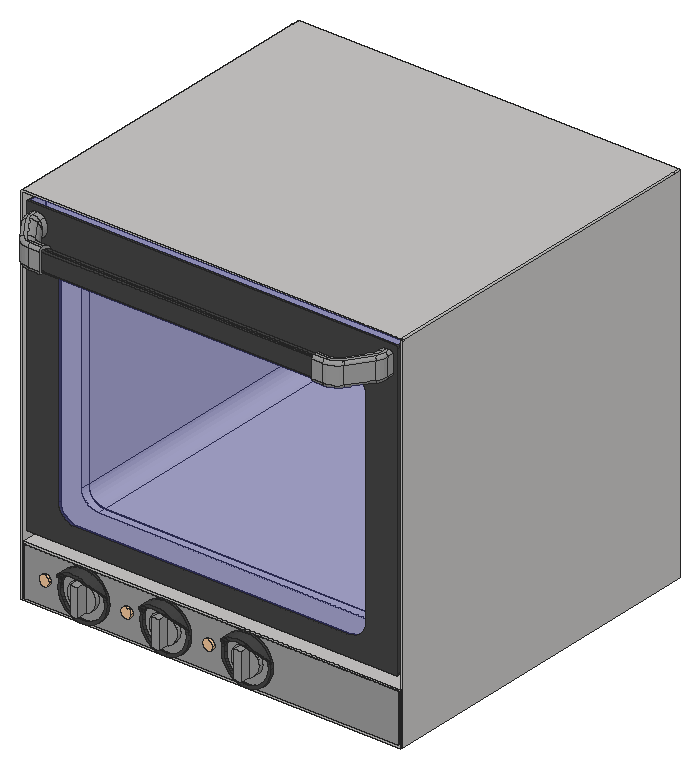
Revit family "QF_Vollrath_CO4-208240HS_Conv Oven", category Specialty Equipment, Revit 2021
Family settings
  Round Connector Dimension = Use Diameter
  Part Type = Normal
  OmniClass Number = 23.40.40.00
  OmniClass Title = Food Service Equipment and Furnishings
  Work Plane-Based = No
  Always vertical = Yes
  Cut with Voids When Loaded = No
  Shared = No
  Room Calculation Point = No
Parameters
  Weight in Pounds = 0
  Watts = 2700 W
  Watermarked By = ""
  Volts = 240 V
  URL Cutsheet = ""
  Status [instance] = ""
  Specification by User [instance] = ""
  Specification by Manufacturer [instance] = ""
  Serial Number [instance] = ""
  Revision Code [instance] = ""
  Phase = 0
  Number of Poles [instance] = 1
  NAFEM Spec ID Number [instance] = ""
  Model = "CO4-208240HS"
  Min Ckt Ampacity = 20 A
  Max Overcurrent Protection = 0 A
  Masterspec [instance] = ""
  Manufacturer = "Vollrath"  # constant formula
  Item Number [instance] = "40701"
  Installed By [instance] = ""
  HP = ""
  Furnished By [instance] = ""
  Foodservice Equipment Identifier = yes
  FL Amps = 11.4 A
  Electrical Remarks [instance] = ""
  Electric Connection Type = ""
  Elec Conn RI Height [instance] = 0.000"
  Elec Conn Connection Height = 0.000"
  Description = "Convection Oven"
  Default Elevation = 0.000"
  Cycle = 0 Hz
  Conn Plug = "NEMA 6-15P"
  Conn Conduit = yes
  CSI MasterFormat = ""
  Apparent Power = if(Phase = 3, Volts * FL Amps * 1.73, Volts * FL Amps)  # 2736 VA
Reference planes (in)
  plane 1 "BACK": y = 0
  plane 2: z = 0
  plane 3 "LEFT": x = -16.56573
  plane 4 "RIGHT": x = -4.56573
  plane 5 "FRONT": y = -12
  plane 6 "TOP": z = 24
Forms (in)
  Extrusion 1, solid, material "QF_Stainless-Polished"
    sketch origin (-35.96062, -2.63189, 0.7874) x (1, 0, 0) y (0, 0, 1)
      loop
        line (-11.57087, 0) -> (11.57087, 0) -> (11.57087, 3.22835) -> (-11.57087, 3.22835) -> (-11.57087, 0)
    from 0 to -21.13584
  Extrusion 2, solid, material "QF_Stainless-Polished"
    sketch origin (-35.96062, -2.63189, 0.79302) x (1, 0, 0) y (0, 0, 1)
      loop
        line (-11.65355, 0.03937) -> (-11.57087, 0.03937) -> (-11.57087, 22.33465) -> (11.57087, 22.33465) -> (11.57087, 0.03937) -> (11.65355, 0.03937) -> (11.65355, 22.33858)
        arc (11.65355, 22.33858) -> (11.63049, 22.39426) -> (11.57481, 22.41732) r 0.07874
        line (11.57481, 22.41732) -> (-11.57481, 22.41732)
        arc (-11.57481, 22.41732) -> (-11.63049, 22.39426) -> (-11.65355, 22.33858) r 0.07874
        line (-11.65355, 22.33858) -> (-11.65355, 0.03937)
    from 0 to -21.17718
  Extrusion 3, solid, material "QF_Stainless-Polished"
    sketch origin (-35.96062, 18.54529, 11.14101) x (-1, 0, 0) y (0, 0, 1)
      loop
        line (-11.65355, -10.30862) -> (11.65355, -10.30862) -> (11.65355, 11.9906)
        arc (11.65355, 11.9906) -> (11.63049, 12.04627) -> (11.57481, 12.06934) r 0.07874
        line (11.57481, 12.06934) -> (-11.57481, 12.06934)
        arc (-11.57481, 12.06934) -> (-11.63049, 12.04627) -> (-11.65355, 11.9906) r 0.07874
        line (-11.65355, 11.9906) -> (-11.65355, -10.30862)
    from 0 to -0.43504
  Extrusion 4, solid, material "Render Material 128-128-128"
    sketch origin (-35.96456, -2.64173, 2.40158) x (1, 0, 0) y (0, 0, 1)
      loop
        arc (-11.37796, 1.49606) -> (-11.4058, 1.48453) -> (-11.41733, 1.45669) r 0.03937
        line (-11.41733, 1.45669) -> (-11.41733, -1.45669)
        arc (-11.41733, -1.45669) -> (-11.4058, -1.48453) -> (-11.37796, -1.49606) r 0.03937
        line (-11.37796, -1.49606) -> (11.37796, -1.49606)
        arc (11.37796, -1.49606) -> (11.4058, -1.48453) -> (11.41733, -1.45669) r 0.03937
        line (11.41733, -1.45669) -> (11.41733, 1.45669)
        arc (11.41733, 1.45669) -> (11.4058, 1.48453) -> (11.37796, 1.49606) r 0.03937
        line (11.37796, 1.49606) -> (-11.37796, 1.49606)
    from 0 to -0.00984
  Extrusion 5, solid, material "Glass"
    sketch origin (-35.96062, -2.58622, 4.65355) x (0, 0, 1) y (-1, 0, 0)
      loop
        arc (18.04712, 11.25827) -> (18.01783, 11.32898) -> (17.94712, 11.35827) r 0.1
        line (17.94712, 11.35827) -> (0.1, 11.35827)
        arc (0.1, 11.35827) -> (0.02929, 11.32898) -> (0, 11.25827) r 0.1
        line (0, 11.25827) -> (0, -11.25827)
        arc (0, -11.25827) -> (0.02929, -11.32898) -> (0.1, -11.35827) r 0.1
        line (0.1, -11.35827) -> (17.94712, -11.35827)
        arc (17.94712, -11.35827) -> (18.01783, -11.32898) -> (18.04712, -11.25827) r 0.1
        line (18.04712, -11.25827) -> (18.04712, 11.25827)
    from 0 to -1.5
  Extrusion 6, solid, material "QF_Stainless-Polished"
    sketch origin (-35.96062, -2.58622, 4.65355) x (0, 0, 1) y (-1, 0, 0)
      loop
        line (18.47412, 11.57087) -> (-0.6378, 11.57087) -> (-0.6378, -11.57087) -> (18.47412, -11.57087) -> (18.47412, 11.57087)
    from -1.75 to -2.25
  Extrusion 7, void
    sketch origin (-35.96062, -2.58622, 4.65355) x (0, 0, 1) y (-1, 0, 0)
      loop
        arc (15.67212, 8.375) -> (15.37923, 9.08211) -> (14.67212, 9.375) r 1
        line (14.67212, 9.375) -> (2.22835, 9.375)
        arc (2.22835, 9.375) -> (1.52125, 9.08211) -> (1.22835, 8.375) r 1
        line (1.22835, 8.375) -> (1.22835, -8.375)
        arc (1.22835, -8.375) -> (1.52125, -9.08211) -> (2.22835, -9.375) r 1
        line (2.22835, -9.375) -> (14.67212, -9.375)
        arc (14.67212, -9.375) -> (15.37923, -9.08211) -> (15.67212, -8.375) r 1
        line (15.67212, -8.375) -> (15.67212, 8.375)
    from -1.75 to -2.25
  Extrusion 8, solid, material "Render Material 0-0-0"
    sketch origin (-35.96062, -2.58622, 4.65355) x (0, 0, 1) y (-1, 0, 0)
      loop
        arc (18.04712, 11.25827) -> (18.01783, 11.32898) -> (17.94712, 11.35827) r 0.1
        line (17.94712, 11.35827) -> (0.1, 11.35827)
        arc (0.1, 11.35827) -> (0.02929, 11.32898) -> (0, 11.25827) r 0.1
        line (0, 11.25827) -> (0, -11.25827)
        arc (0, -11.25827) -> (0.02929, -11.32898) -> (0.1, -11.35827) r 0.1
        line (0.1, -11.35827) -> (17.94712, -11.35827)
        arc (17.94712, -11.35827) -> (18.01783, -11.32898) -> (18.04712, -11.25827) r 0.1
        line (18.04712, -11.25827) -> (18.04712, 11.25827)
      loop
        line (14.67212, 9.375) -> (2.22835, 9.375)
        arc (2.22835, 9.375) -> (1.52125, 9.08211) -> (1.22835, 8.375) r 1
        line (1.22835, 8.375) -> (1.22835, -8.375)
        arc (1.22835, -8.375) -> (1.52125, -9.08211) -> (2.22835, -9.375) r 1
        line (2.22835, -9.375) -> (14.67212, -9.375)
        arc (14.67212, -9.375) -> (15.37923, -9.08211) -> (15.67212, -8.375) r 1
        line (15.67212, -8.375) -> (15.67212, 8.375)
        arc (15.67212, 8.375) -> (15.37923, 9.08211) -> (14.67212, 9.375) r 1
    from 0 to -0.125
  Extrusion 9, solid, material "Render Material 0-0-0"
    sketch origin (-27.62962, -5.00964, -14.62332) x (0, 0, 1) y (0, 1, 0)
      loop
        line (35.69706, -0.24037) -> (36.7758, -0.24037)
        arc (36.7758, -0.24037) -> (36.81672, -0.22341) -> (36.83368, -0.18249) r 0.05787
        line (36.83368, -0.18249) -> (36.83368, -0.01543)
        arc (36.83368, -0.01543) -> (36.79083, 0.15467) -> (36.67796, 0.28894) r 0.39121
        arc (36.67796, 0.28894) -> (36.23643, 0.43665) -> (35.7949, 0.28894) r 0.73374
        arc (35.7949, 0.28894) -> (35.68824, 0.16717) -> (35.63919, 0.01291) r 0.39619
        line (35.63919, 0.01291) -> (35.63919, -0.18249)
        arc (35.63919, -0.18249) -> (35.65614, -0.22341) -> (35.69706, -0.24037) r 0.05787
    from 0 to 16.66189
  Sweep 10, solid, material "Render Material 128-128-128"
    path origin (-33.92536, -5.19005, 22.21035) x (0, 1, 0) y (-1, 0, 0)
      loop
        line (0.27508, 10.36614) -> (0.27508, 11.03823)
        arc (0.27508, 11.03823) -> (0.34626, 11.32909) -> (0.5437, 11.55423) r 0.62992
        line (0.5437, 11.55423) -> (1.86239, 12.47758)
        arc (1.86239, 12.47758) -> (2.03423, 12.56233) -> (2.2236, 12.59147) r 0.62975
        line (2.2236, 12.59147) -> (2.60383, 12.59147)
    profile origin (-44.62755, -4.91496, 22.21035) x (0, -1, 0) y (0, 0, 1)
      loop
        arc (0.46004, -0.05787) -> (0.40648, 0.07144) -> (0.27717, 0.125) r 0.18287
        line (0.27717, 0.125) -> (0.1089, 0.125)
        arc (0.1089, 0.125) -> (-0.11631, 0.06875) -> (-0.2941, -0.0805) r 0.51621
        arc (-0.2941, -0.0805) -> (-0.46698, -0.59724) -> (-0.2941, -1.11399) r 0.85874
        arc (-0.2941, -1.11399) -> (-0.13094, -1.25597) -> (0.07582, -1.31949) r 0.52119
        line (0.07582, -1.31949) -> (0.27717, -1.31949)
        arc (0.27717, -1.31949) -> (0.40648, -1.26593) -> (0.46004, -1.13661) r 0.18287
        line (0.46004, -1.13661) -> (0.46004, -0.05787)
  Sweep 11, solid, material "Render Material 128-128-128"
    path origin (-37.99576, -5.19005, 22.21035) x (0, 1, 0) y (-1, 0, 0)
      loop
        line (0.27508, -10.36614) -> (0.27508, -11.03823)
        arc (0.27508, -11.03823) -> (0.34626, -11.32909) -> (0.5437, -11.55423) r 0.62992
        line (0.5437, -11.55423) -> (1.86239, -12.47758)
        arc (1.86239, -12.47758) -> (2.03423, -12.56233) -> (2.2236, -12.59147) r 0.62975
        line (2.2236, -12.59147) -> (2.60383, -12.59147)
    profile origin (-27.29358, -4.91496, 22.21035) x (0, 1, 0) y (0, 0, 1)
      loop
        line (-0.46004, -0.05787) -> (-0.46004, -1.13661)
        arc (-0.46004, -1.13661) -> (-0.40648, -1.26593) -> (-0.27717, -1.31949) r 0.18287
        line (-0.27717, -1.31949) -> (-0.07582, -1.31949)
        arc (-0.07582, -1.31949) -> (0.13094, -1.25597) -> (0.2941, -1.11399) r 0.52119
        arc (0.2941, -1.11399) -> (0.46698, -0.59724) -> (0.2941, -0.0805) r 0.85874
        arc (0.2941, -0.0805) -> (0.11631, 0.06875) -> (-0.1089, 0.125) r 0.51621
        line (-0.1089, 0.125) -> (-0.27717, 0.125)
        arc (-0.27717, 0.125) -> (-0.40648, 0.07144) -> (-0.46004, -0.05787) r 0.18287
  Extrusion 12, solid, material "Render Material 128-128-128"
    sketch origin (-43.41732, -2.64173, 2.88977) x (0, 0, 1) y (-1, 0, 0)
      loop
        circle (-0.48819, 0.29528) r 0.85571
    from 0 to 0.22793
  Extrusion 13, solid, material "Render Material 128-128-128"
    sketch origin (-43.41732, -2.86966, 2.88977) x (0, 0, 1) y (-1, 0, 0)
      loop
        line (0.33705, 0.52162) -> (-1.31342, 0.52162)
        arc (-1.31342, 0.52162) -> (-1.3439, 0.29528) -> (-1.31342, 0.06893) r 0.85571
        line (-1.31342, 0.06893) -> (0.33705, 0.06893)
        arc (0.33705, 0.06893) -> (0.36752, 0.29528) -> (0.33705, 0.52162) r 0.85571
    from 0 to 0.589
  Extrusion 14, solid, material "Render Material 255-191-127"
    sketch origin (-35.96456, -2.64173, 2.40158) x (1, 0, 0) y (0, 0, 1)
      loop
        circle (-10.11385, 0) r 0.30846
    from 0 to 0.125
  Extrusion 15, solid, material "Render Material 255-191-127"
    sketch origin (-30.96456, -2.64173, 2.40158) x (1, 0, 0) y (0, 0, 1)
      loop
        circle (-10.11385, 0) r 0.30846
    from 0 to 0.125
  Extrusion 16, solid, material "Render Material 255-191-127"
    sketch origin (-25.96456, -2.64173, 2.40158) x (1, 0, 0) y (0, 0, 1)
      loop
        circle (-10.11385, 0) r 0.30846
    from 0 to 0.125
  Extrusion 17, solid, material "Render Material 0-0-0"
    sketch origin (-35.96456, -2.64173, 2.40158) x (1, 0, 0) y (0, 0, 1)
      loop
        circle (-7.74804, 0) r 1.51094
      loop
        circle (-7.74804, 0) r 1.34265
    from 0 to 0.14843
  Extrusion 18, solid, material "Render Material 0-0-0"
    sketch origin (-30.96456, -2.64173, 2.40158) x (1, 0, 0) y (0, 0, 1)
      loop
        circle (-7.74804, 0) r 1.51094
      loop
        circle (-7.74804, 0) r 1.34265
    from 0 to 0.14843
  Extrusion 19, solid, material "Render Material 0-0-0"
    sketch origin (-30.96456, -2.79016, 2.40158) x (1, 0, 0) y (0, 0, 1)
      loop
        line (-9.25897, 0) -> (-9.09068, 0)
        arc (-9.09068, 0) -> (-7.74804, 1.34265) -> (-6.40539, 0) r 1.34265
        line (-6.40539, 0) -> (-6.2371, 0)
        arc (-6.2371, 0) -> (-7.74804, 1.51094) -> (-9.25897, 0) r 1.51094
    from 0 to 1.10798
  Extrusion 20, void
    sketch origin (-38.71259, -2.79016, 3.91251) x (0, 0, 1) y (0, 1, 0)
      loop
        line (0, -0.75) -> (-0.22907, -0.75)
        arc (-0.22907, -0.75) -> (-0.33223, -0.72695) -> (-0.41578, -0.66219) r 0.24242
        line (-0.41578, -0.66219) -> (-0.99562, -0.08236)
        arc (-0.99562, -0.08236) -> (-1.10738, -0.02117) -> (-1.23302, 0) r 0.38334
        line (-1.23302, 0) -> (-1.51094, 0) -> (-1.51094, -1.10798) -> (0, -1.10798) -> (0, -0.75)
    from -2.05456 to 1.66177
  Extrusion 21, solid, material "Render Material 0-0-0"
    sketch origin (-25.96456, -2.64173, 2.40158) x (1, 0, 0) y (0, 0, 1)
      loop
        circle (-7.74804, 0) r 1.51094
      loop
        circle (-7.74804, 0) r 1.34265
    from 0 to 0.14843
  Extrusion 22, solid, material "Render Material 0-0-0"
    sketch origin (-25.96456, -2.79016, 2.40158) x (1, 0, 0) y (0, 0, 1)
      loop
        line (-9.25897, 0) -> (-9.09068, 0)
        arc (-9.09068, 0) -> (-7.74804, 1.34265) -> (-6.40539, 0) r 1.34265
        line (-6.40539, 0) -> (-6.2371, 0)
        arc (-6.2371, 0) -> (-7.74804, 1.51094) -> (-9.25897, 0) r 1.51094
    from 0 to 1.10798
  Extrusion 23, void
    sketch origin (-33.71259, -2.79016, 3.91251) x (0, 0, 1) y (0, 1, 0)
      loop
        line (0, -0.75) -> (-0.22907, -0.75)
        arc (-0.22907, -0.75) -> (-0.33223, -0.72695) -> (-0.41578, -0.66219) r 0.24242
        line (-0.41578, -0.66219) -> (-0.99562, -0.08236)
        arc (-0.99562, -0.08236) -> (-1.10738, -0.02117) -> (-1.23302, 0) r 0.38334
        line (-1.23302, 0) -> (-1.51094, 0) -> (-1.51094, -1.10798) -> (0, -1.10798) -> (0, -0.75)
    from -2.05456 to 1.66177
  Extrusion 24, solid, material "Render Material 128-128-128"
    sketch origin (-38.41732, -2.64173, 2.88977) x (0, 0, 1) y (-1, 0, 0)
      loop
        circle (-0.48819, 0.29528) r 0.85571
    from 0 to 0.22793
  Extrusion 25, solid, material "Render Material 128-128-128"
    sketch origin (-38.41732, -2.86966, 2.88977) x (0, 0, 1) y (-1, 0, 0)
      loop
        line (0.33705, 0.52162) -> (-1.31342, 0.52162)
        arc (-1.31342, 0.52162) -> (-1.3439, 0.29528) -> (-1.31342, 0.06893) r 0.85571
        line (-1.31342, 0.06893) -> (0.33705, 0.06893)
        arc (0.33705, 0.06893) -> (0.36752, 0.29528) -> (0.33705, 0.52162) r 0.85571
    from 0 to 0.589
  Extrusion 26, solid, material "Render Material 128-128-128"
    sketch origin (-33.41732, -2.64173, 2.88977) x (0, 0, 1) y (-1, 0, 0)
      loop
        circle (-0.48819, 0.29528) r 0.85571
    from 0 to 0.22793
  Extrusion 27, solid, material "Render Material 128-128-128"
    sketch origin (-33.41732, -2.86966, 2.88977) x (0, 0, 1) y (-1, 0, 0)
      loop
        line (0.33705, 0.52162) -> (-1.31342, 0.52162)
        arc (-1.31342, 0.52162) -> (-1.3439, 0.29528) -> (-1.31342, 0.06893) r 0.85571
        line (-1.31342, 0.06893) -> (0.33705, 0.06893)
        arc (0.33705, 0.06893) -> (0.36752, 0.29528) -> (0.33705, 0.52162) r 0.85571
    from 0 to 0.589
  Extrusion 28, solid, material "QF_Stainless-Polished"
    sketch origin (-22.93992, 13.88539, 0.7874) x (0, -1, 0) y (-1, 0, 0)
      loop
        circle (-2.65005, 23.06008) r 0.5
    from 0 to 0.7874
  Extrusion 29, solid, material "QF_Stainless-Polished"
    sketch origin (-22.93992, -2.65005, 0.7874) x (0, -1, 0) y (-1, 0, 0)
      loop
        circle (-2.65005, 23.06008) r 0.5
    from 0 to 0.7874
  Extrusion 30, solid, material "QF_Stainless-Polished"
    sketch origin (-2.86117, -2.65005, 0.7874) x (0, -1, 0) y (-1, 0, 0)
      loop
        circle (-2.65005, 23.06008) r 0.5
    from 0 to 0.7874
  Extrusion 31, solid, material "QF_Stainless-Polished"
    sketch origin (-2.86117, 13.88539, 0.7874) x (0, -1, 0) y (-1, 0, 0)
      loop
        circle (-2.65005, 23.06008) r 0.5
    from 0 to 0.7874
  Extrusion 32, solid, material "QF_Stainless-Polished"
    sketch origin (-24.38581, -2.63189, 23.21035) x (-1, 0, 0) y (0, -1, 0)
      loop
        arc (19.72836, -21.30268) -> (19.74681, -21.25813) -> (19.79136, -21.23968) r 0.063
        line (19.79136, -21.23968) -> (20.22836, -21.23968) -> (20.22836, -21.17718) -> (19.80257, -21.17718)
        arc (19.80257, -21.17718) -> (19.70632, -21.2097) -> (19.66536, -21.30268) r 0.126
        line (19.66536, -21.30268) -> (19.66536, -22.55118)
        arc (19.66536, -22.55118) -> (19.64691, -22.59573) -> (19.60236, -22.61418) r 0.063
        line (19.60236, -22.61418) -> (18.60436, -22.61418)
        arc (18.60436, -22.61418) -> (18.55981, -22.59573) -> (18.54136, -22.55118) r 0.063
        line (18.54136, -22.55118) -> (18.54136, -21.30268)
        arc (18.54136, -21.30268) -> (18.5004, -21.2097) -> (18.40415, -21.17718) r 0.126
        line (18.40415, -21.17718) -> (17.97836, -21.17718) -> (17.97836, -21.23968) -> (18.41536, -21.23968)
        arc (18.41536, -21.23968) -> (18.45991, -21.25813) -> (18.47836, -21.30268) r 0.063
        line (18.47836, -21.30268) -> (18.47836, -22.55118)
        arc (18.47836, -22.55118) -> (18.51526, -22.64027) -> (18.60436, -22.67718) r 0.126
        line (18.60436, -22.67718) -> (19.60236, -22.67718)
        arc (19.60236, -22.67718) -> (19.69146, -22.64027) -> (19.72836, -22.55118) r 0.126
        line (19.72836, -22.55118) -> (19.72836, -21.30268)
    from -4.75 to -6.5
  Extrusion 33, solid, material "QF_Stainless-Polished"
    sketch origin (-35.96062, -0.33622, 4.65355) x (0, 0, -1) y (-1, 0, 0)
      loop
        line (-15.67212, 8.375) -> (-15.67212, -8.375)
        arc (-15.67212, -8.375) -> (-15.37923, -9.08211) -> (-14.67212, -9.375) r 1
        line (-14.67212, -9.375) -> (-2.22835, -9.375)
        arc (-2.22835, -9.375) -> (-1.52125, -9.08211) -> (-1.22835, -8.375) r 1
        line (-1.22835, -8.375) -> (-1.22835, 8.375)
        arc (-1.22835, 8.375) -> (-1.52125, 9.08211) -> (-2.22835, 9.375) r 1
        line (-2.22835, 9.375) -> (-14.67212, 9.375)
        arc (-14.67212, 9.375) -> (-15.37923, 9.08211) -> (-15.67212, 8.375) r 1
      loop
        line (-2.22835, 10.375) -> (-14.67212, 10.375)
        arc (-14.67212, 10.375) -> (-16.08634, 9.78921) -> (-16.67212, 8.375) r 2
        line (-16.67212, 8.375) -> (-16.67212, -8.375)
        arc (-16.67212, -8.375) -> (-16.08634, -9.78921) -> (-14.67212, -10.375) r 2
        line (-14.67212, -10.375) -> (-2.22835, -10.375)
        arc (-2.22835, -10.375) -> (-0.81414, -9.78921) -> (-0.22835, -8.375) r 2
        line (-0.22835, -8.375) -> (-0.22835, 8.375)
        arc (-0.22835, 8.375) -> (-0.81414, 9.78921) -> (-2.22835, 10.375) r 2
    from 0 to 18.44647
  Extrusion 34, solid, material "Render Material 0-0-0"
    sketch origin (-35.96062, 18.54529, 0.79302) x (-1, 0, 0) y (0, 0, 1)
      loop
        line (7.90314, 1.72737) -> (7.90314, 1.60237)
        arc (7.90314, 1.60237) -> (7.84105, 1.28937) -> (7.90314, 0.97637) r 0.81996
        line (7.90314, 0.97637) -> (7.90314, 0.85137) -> (8.46564, 0.85137)
        arc (8.46564, 0.85137) -> (8.79012, 1.28937) -> (8.46564, 1.72737) r 0.45786
        line (8.46564, 1.72737) -> (7.90314, 1.72737)
    from 0 to 0.125
  Extrusion 35, solid, material "Render Material 0-0-0"
    sketch origin (-35.96456, -2.79016, 2.40158) x (1, 0, 0) y (0, 0, 1)
      loop
        line (-9.25897, 0) -> (-9.09068, 0)
        arc (-9.09068, 0) -> (-7.74804, 1.34265) -> (-6.40539, 0) r 1.34265
        line (-6.40539, 0) -> (-6.2371, 0)
        arc (-6.2371, 0) -> (-7.74804, 1.51094) -> (-9.25897, 0) r 1.51094
    from 0 to 1.10798
  Extrusion 36, void
    sketch origin (-43.7126, -2.79016, 3.91251) x (0, 0, 1) y (0, 1, 0)
      loop
        line (0, -0.75) -> (-0.22907, -0.75)
        arc (-0.22907, -0.75) -> (-0.33223, -0.72695) -> (-0.41578, -0.66219) r 0.24242
        line (-0.41578, -0.66219) -> (-0.99562, -0.08236)
        arc (-0.99562, -0.08236) -> (-1.10738, -0.02117) -> (-1.23302, 0) r 0.38334
        line (-1.23302, 0) -> (-1.51094, 0) -> (-1.51094, -1.10798) -> (0, -1.10798) -> (0, -0.75)
    from -2.05456 to 1.66177
Cuts and joins
  Extrusion 7 cuts Extrusion 5
  Extrusion 7 cuts Extrusion 6
  Extrusion 20 cuts Extrusion 17
  Extrusion 20 cuts Extrusion 12
  Extrusion 20 cuts Extrusion 13
  Extrusion 20, Extrusion 23, Extrusion 36 cuts Extrusion 18
  Extrusion 20, Extrusion 23, Extrusion 36 cuts Extrusion 19
  Extrusion 23 cuts Extrusion 21
  Extrusion 23 cuts Extrusion 22
  joined: Extrusion 2, Extrusion 3
  Extrusion 36 cuts Extrusion 24
  Extrusion 36 cuts Extrusion 25
  Extrusion 36 cuts Extrusion 35
Dimensions and locks (in)
  aligned and locked: level to plane 2
Connectors (in)
  electrical at (-44.05126, 18.67029, 2.08239)
    settings: on Extrusion 34, index 1, voltage 240 V, apparent load 0 VA, apparent load phase1 11.4 VA, apparent load phase2 0 VA, apparent load phase3 0 VA, power factor 1, load classification "Other", number of poles 1, system type 31, power factor state 1, is connector primary yes, connector utility no, sub classification motor no, connector description ""
